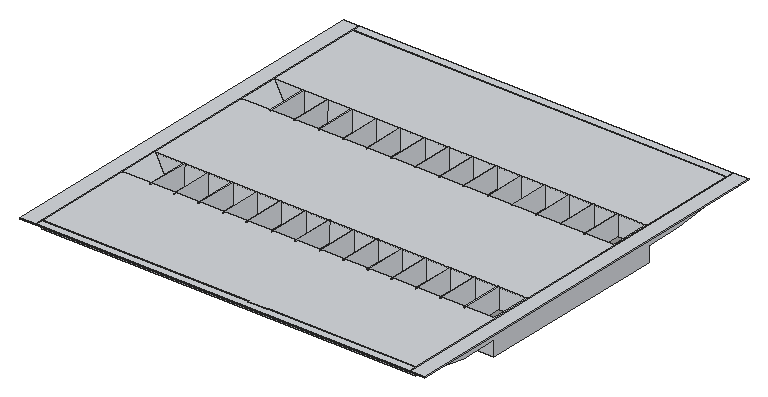
Revit family "0052602 Sylvania Lighting Fixture RANA NEO 3500LM REC 625x625 840 SSC 2L WHITE", category Lighting Fixtures, host Face, Revit 2016
Family settings
  Host = Face
  Part Type = Normal
  Round Connector Dimension = Use Diameter
  OmniClass Number = 23.80.70.00
  OmniClass Title = Lighting
  Cut with Voids When Loaded = No
  Light Source = Yes
  Shared = No
  Room Calculation Point = No
Parameters (values of type "0052602 RANA NEO 3500LM R 625 840 SSC 2L WHT")
  fin7 = 37 mm
  fin3 = 332 mm
  fin2 [instance] = 368 mm
  fin 6 = 110 mm
  fin 5 = 185 mm
  fin 4 = 258 mm
  fin 3 [instance] = 318 mm
  fin 2 = 407 mm
  fin 1 = 480 mm
  cut-out2 = 618 mm
  cut-out = 618 mm
  Width_SYL = if([600x600_SYL], 595 mm, if([625x625_SYL], 620 mm, if([1200_SYL], 296 mm, 306 mm)))  # 595 mm
  Width = 618 mm
  Weight = "n/a"
  Wattage Comments = ""
  Wattage = 193.079 W
  WarrantyStartDate [instance] = "n/a"
  WarrantyGuarantorParts = "n/a"
  WarrantyDurationUnit = "n/a"
  WarrantyDurationParts = ""
  WarrantyDescription = "http://www.sylvania-lighting.com"
  built-in parameter 1150110 = 1 (stored number, unit not read)
  Voltage = 0 V
  URL = "0.95"
  TypeName = "RANA NEO 3500LM REC 625x625 840 SSC 2L WHITE"
  Type Image = <None>
  Type Comments = "n/a"
  built-in parameter 1114217 = 1 (stored number, unit not read)
  TopWidth_SYL = if([600x600_SYL], 295 mm, if([625x625_SYL], 295 mm, if([1200_SYL], 165 mm, 165 mm)))  # 295 mm
  Tilt Angle = -90.00°
  built-in parameter 1150109 = 1 (stored number, unit not read)
  built-in parameter 1150134 = (empty or 0)
  built-in parameter 1150113 = 1 (stored number, unit not read)
  SlopeTopWidth_SYL = if([600x600_SYL], 410 mm, if([625x625_SYL], 410 mm, if([1200_SYL], 168 mm, 168 mm)))  # 410 mm
  SlopeBottomWidth_SYL = if([600x600_SYL], 593 mm, if([625x625_SYL], 593 mm, if([1200_SYL], 244 mm, 244 mm)))  # 593 mm
  SlopeHeight_SYL = if([600x600_SYL], 17 mm, if([625x625_SYL], 17 mm, if([1200_SYL], 40 mm, 40 mm)))  # 17 mm
  SerialNumber [instance] = "n/a"
  ReflectorNumber_SYL = if([1Ref_SYL], 2, if([2Ref_SYL], 2, 3))  # 2
  ReflectorLength_SYL = Length_SYL - Inset_SYL * 2 - 5 mm  # 550 mm
  ReflectorInset_SYL = if([1Ref_SYL], 82.4 mm, if([2Ref_SYL], 30 mm, 30 mm))  # 30 mm
  Photometric Web File = "0052602.ies"
  Material_3_SYL = none
  PowerFactor = 0.95
  PowerConsumption = "Lighting"
  NominalLength = 620 mm
  NominalHeight = 60 mm
  NominalDepth = 595 mm
  Name = "RANA NEO 3500LM REC 625x625 840 SSC 2L WHITE"
  ModelReference = Name  # "RANA NEO 3500LM REC 625x625 840 SSC 2L WHITE"
  ModelNumber = "0052602"
  Model = Name  # "RANA NEO 3500LM REC 625x625 840 SSC 2L WHITE"
  Material = "Feilo Sylvania"
  ManufacturerName = "113 lm/W"
  Manufacturer = ""
  LuminousEfficacy = ""
  built-in parameter 1150105 = 1536.5 (stored number, unit not read)
  Lumens = 19307.9 lm
  LuminaireType = "0"
  built-in parameter 1150115 = 1 (stored number, unit not read)
  LouverNumber_SYL = if([600x600_SYL], 14, if([625x625_SYL], 14, if([1200_SYL], 28, 28)))  # 14
  LightOutputRatio = "LED"
  built-in parameter 1150137 = (empty or 0)
  built-in parameter 1150139 = (empty or 0)
  Length_SYL = if([600x600_SYL], 595 mm, if([625x625_SYL], 620 mm, if([1200_SYL], 1196 mm, 1246 mm)))  # 595 mm
  Length = 618 mm
  LampsType = Lamp  # "n/a"
  LampNominalLuminous = "4000 K"
  LampMacAdamStep = "80"
  LampColourTemperature = "LED"
  LampColourRenderingIndex = "16500"
  built-in parameter 1150112 = 1 (stored number, unit not read)
  built-in parameter 1150114 = 1 (stored number, unit not read)
  Lamp = "n/a"
  LED position [instance] = 410 mm
  LED inside width = 165 mm
  LED inner void = 521.5 mm
  LED Width = 290 mm
  LED Length = 568 mm
  Keynote = "n/a"
  InstallationDate [instance] = "n/a"
  Inset_SYL = 20 mm  # constant formula
  InputVoltage = "0"
  InputNominalFrequency = "4000"
  built-in parameter 1150132 = (empty or 0)
  built-in parameter 1150102 = (empty or 0)
  built-in parameter 1150107 = 3000 (stored number, unit not read)
  built-in parameter 1150138 = (empty or 0)
  IngressProtection = "IfcLightFixtureType"
  ImpactProtectionIndex = "IfcLightFixtureType"
  built-in parameter 1150106 = 15.365 (stored number, unit not read)
  IfcExportType = "IfcLightFixtureType"
  IfcExportAs = "Class I"
  Height = 52 mm
  Emit from Rectangle Width = if([1Ref_SYL], 48 mm, TopWidth_SYL - 13 mm)  # 282 mm
  Emit from Rectangle Length = ReflectorLength_SYL - 8 mm  # 542 mm
  Emit Shape Visible in Rendering = no
  ElectricShockClassification = "113"
  built-in parameter 1150104 = 9.2903 (stored number, unit not read)
  DocumentationLiterature = "http://www.sylvania-lighting.com/product/en-int/products/0052602"
  DimmingControlOptions = "n/a"
  Material_2_SYL = none
  Dimming Lamp Color Temperature Shift = <None>
  Description = "-"
  Default Elevation = 1219.2 mm
  CreatedOn = "25/11/2019"
  CreatedBy = "@sylvania-lighting.com"
  Cost = 0
  Color Filter = 16777215
  built-in parameter 1114216 [instance] = (empty or 0)
  ClassificationValue = "EF_70_80"
  ClassificationName = "Uniclass2015"
  Material_1_SYL = none
  BarCode [instance] = "n/a"
  built-in parameter 1114218 = 1 (stored number, unit not read)
  built-in parameter 1150133 = 10 (stored number, unit not read)
  AssetType = "Fixed"
  AssetIdentifier [instance] = "n/a"
  Assembly Code = "D5020200"
  Apparent Load = 31 VA
  Material_4_SYL = none
  625x625_SYL = no
  600x600_SYL = yes
  2Ref_SYL = yes
  1Ref_SYL = no
  1200_SYL = no
Reference planes
  plane 1 "Center (Front/Back)": y = 0
  plane 2: z = 0
  plane 3 "Center (Left/Right)": x = 0
  plane 4: x = 60
  plane 5: x = 30
  plane 6: y = 297.5
  plane 7: y = -297.5
  plane 8: z = -120
  plane 9: z = -3
  plane 10: z = -12
  plane 11: z = -29
  plane 12: z = -52
  plane 13: y = -296.5
  plane 14: y = 296.5
  plane 15: y = 145
  plane 16: y = -145
  plane 17: y = 82.5
  plane 18: y = -82.5
  plane 19: x = -284
  plane 20: x = 284
  plane 21: y = 141
  plane 22: y = 86.5
  plane 23: x = -264
  plane 24: x = 257.5
  plane 25: x = -286
  plane 26: x = 286
  plane 27: y = -86.5
  plane 28: y = -141
  plane 29: x = 18.5
  plane 30: x = -18.5
  plane 31: x = 55
  plane 32: x = -55
  plane 33: x = 92.5
  plane 34: x = -92.5
  plane 35: x = 129
  plane 36: x = -129
  plane 37: x = 166
  plane 38: x = -166
  plane 39: x = -203.5
  plane 40: x = 203.5
  plane 41: x = -240
  plane 42: x = 240
  plane 43: x = 169.5
  plane 44: x = 162.5
  plane 45: x = 166.5
  plane 46: x = 165.5
  plane 47: x = 309
  plane 48: x = -309
  plane 49: y = 309
  plane 50: y = -309
  plane 51: x = 309
  plane 52: x = -309
  plane 53: y = 309
  plane 54: y = -309
Forms (mm)
  Extrusion 1, void
    sketch origin (0, 0, 0) x (1, 0, 0) y (0, 1, 0)
      loop
        line (-309, 309) -> (-309, -309) -> (309, -309) -> (309, 309) -> (-309, 309)
    from -120 to 97.685
  Extrusion 2, solid, detail levels medium+fine
    sketch origin (0, 0, 0) x (0, 1, 0) y (0, 0, 1)
      loop
        line (-296.5, 0) -> (-296.5, -12) -> (-205, -29) -> (-147.5, -29) -> (-147.5, -52) -> (147.5, -52) -> (147.5, -29) -> (205, -29) -> (296.5, -17.514) -> (296.5, 0) -> (-296.5, 0)
    from -286 to 286
  Extrusion 3, solid, detail levels medium+fine
    sketch origin (275, 1524, 1219.2) x (0, 1, 0) y (0, 0, 1)
      loop
        line (-1226.5, -1222.2) -> (-1226.5, -1219.2) -> (-1820.5, -1219.2) -> (-1820.5, -1222.2) -> (-1226.5, -1222.2)
    from 11 to -215
  Extrusion 4, solid, detail levels medium+fine
    sketch origin (-275, 1524, 1219.2) x (0, 1, 0) y (0, 0, 1)
      loop
        line (-1820.5, -1222.2) -> (-1227.5, -1222.2) -> (-1227.5, -1219.2) -> (-1820.5, -1219.2) -> (-1820.5, -1222.2)
    from -11 to 305
  Extrusion 5, solid, detail levels medium+fine
    sketch origin (0, 0, 0) x (0, 1, 0) y (0, 0, 1)
      loop
        line (-297.5, 0) -> (-297.5, -3) -> (-296.5, -3) -> (-296.5, 0) -> (-297.5, 0)
      loop
        line (297.5, -3) -> (297.5, 0) -> (296.5, 0) -> (296.5, -3) -> (297.5, -3)
    from 30 to 60
  Blend 6, void
    base sketch origin (0, 0, 0) x (1, 0, 0) y (0, 1, 0)
      loop
        line (-284, 145) -> (-284, 82.5) -> (284, 82.5) -> (284, 145) -> (-284, 145)
    top sketch origin (0, 0, 0) x (1, 0, 0) y (0, 1, 0)
      loop
        line (-264, 141) -> (-264, 86.5) -> (257.5, 86.5) -> (257.5, 141) -> (-264, 141)
    from 0 to -29
  Blend 7, void
    base sketch origin (0, 0, 0) x (1, 0, 0) y (0, 1, 0)
      loop
        line (-284, -82.5) -> (-284, -145) -> (284, -145) -> (284, -82.5) -> (-284, -82.5)
    top sketch origin (0, 0, 0) x (1, 0, 0) y (0, 1, 0)
      loop
        line (257.5, -86.5) -> (-264, -86.5) -> (-264, -141) -> (257.5, -141) -> (257.5, -86.5)
    from 0 to -29
  Extrusion 8, solid, detail levels fine
    sketch origin (0, 0, 0) x (1, 0, 0) y (0, 0, 1)
      loop
        line (162.5, -29) -> (169.5, -29) -> (166.5, 0) -> (165.5, 0) -> (162.5, -29)
    from -145 to -82.5
  Extrusion 9, solid, detail levels fine
    sketch origin (37.5, 0, 0) x (1, 0, 0) y (0, 0, 1)
      loop
        line (162.5, -29) -> (169.5, -29) -> (166.5, 0) -> (165.5, 0) -> (162.5, -29)
    from -145 to -82.5
  Extrusion 10, solid, detail levels fine
    sketch origin (74, 0, 0) x (1, 0, 0) y (0, 0, 1)
      loop
        line (162.5, -29) -> (169.5, -29) -> (166.5, 0) -> (165.5, 0) -> (162.5, -29)
    from -145 to -82.5
  Extrusion 11, solid, detail levels fine
    sketch origin (-37, 0, 0) x (1, 0, 0) y (0, 0, 1)
      loop
        line (162.5, -29) -> (169.5, -29) -> (166.5, 0) -> (165.5, 0) -> (162.5, -29)
    from -145 to -82.5
  Extrusion 12, solid, detail levels fine
    sketch origin (-73.5, 0, 0) x (1, 0, 0) y (0, 0, 1)
      loop
        line (162.5, -29) -> (169.5, -29) -> (166.5, 0) -> (165.5, 0) -> (162.5, -29)
    from -145 to -82.5
  Extrusion 13, solid, detail levels fine
    sketch origin (-111, 0, 0) x (1, 0, 0) y (0, 0, 1)
      loop
        line (162.5, -29) -> (169.5, -29) -> (166.5, 0) -> (165.5, 0) -> (162.5, -29)
    from -145 to -82.5
  Extrusion 14, solid, detail levels fine
    sketch origin (-147.5, 0, 0) x (1, 0, 0) y (0, 0, 1)
      loop
        line (162.5, -29) -> (169.5, -29) -> (166.5, 0) -> (165.5, 0) -> (162.5, -29)
    from -145 to -82.5
  Extrusion 15, solid, detail levels fine
    sketch origin (-184.5, 0, 0) x (1, 0, 0) y (0, 0, 1)
      loop
        line (162.5, -29) -> (169.5, -29) -> (166.5, 0) -> (165.5, 0) -> (162.5, -29)
    from -145 to -82.5
  Extrusion 16, solid, detail levels fine
    sketch origin (-221, 0, 0) x (1, 0, 0) y (0, 0, 1)
      loop
        line (162.5, -29) -> (169.5, -29) -> (166.5, 0) -> (165.5, 0) -> (162.5, -29)
    from -145 to -82.5
  Extrusion 17, solid, detail levels fine
    sketch origin (-258.5, 0, 0) x (1, 0, 0) y (0, 0, 1)
      loop
        line (162.5, -29) -> (169.5, -29) -> (166.5, 0) -> (165.5, 0) -> (162.5, -29)
    from -145 to -82.5
  Extrusion 18, solid, detail levels fine
    sketch origin (-295, 0, 0) x (1, 0, 0) y (0, 0, 1)
      loop
        line (162.5, -29) -> (169.5, -29) -> (166.5, 0) -> (165.5, 0) -> (162.5, -29)
    from -145 to -82.5
  Extrusion 19, solid, detail levels fine
    sketch origin (-332, 0, 0) x (1, 0, 0) y (0, 0, 1)
      loop
        line (162.5, -29) -> (169.5, -29) -> (166.5, 0) -> (165.5, 0) -> (162.5, -29)
    from -145 to -82.5
  Extrusion 20, solid, detail levels fine
    sketch origin (-369.5, 0, 0) x (1, 0, 0) y (0, 0, 1)
      loop
        line (162.5, -29) -> (169.5, -29) -> (166.5, 0) -> (165.5, 0) -> (162.5, -29)
    from -145 to -82.5
  Extrusion 21, solid, detail levels fine
    sketch origin (-406, 0, 0) x (1, 0, 0) y (0, 0, 1)
      loop
        line (162.5, -29) -> (169.5, -29) -> (166.5, 0) -> (165.5, 0) -> (162.5, -29)
    from -145 to -82.5
  Extrusion 22, solid, detail levels fine
    sketch origin (-406.072, 0, -0.017) x (1, 0, 0) y (0, 0, 1)
      loop
        line (162.5, -29) -> (169.5, -29) -> (166.5, 0) -> (165.5, 0) -> (162.5, -29)
    from 82.5 to 147.5
  Extrusion 23, solid, detail levels fine
    sketch origin (-369.572, 0, -0.017) x (1, 0, 0) y (0, 0, 1)
      loop
        line (162.5, -29) -> (169.5, -29) -> (166.5, 0) -> (165.5, 0) -> (162.5, -29)
    from 82.5 to 147.5
  Extrusion 24, solid, detail levels fine
    sketch origin (-331.998, 0, -0.017) x (1, 0, 0) y (0, 0, 1)
      loop
        line (162.5, -29) -> (169.5, -29) -> (166.5, 0) -> (165.5, 0) -> (162.5, -29)
    from 82.5 to 147.5
  Extrusion 25, solid, detail levels fine
    sketch origin (-294.998, 0, -0.017) x (1, 0, 0) y (0, 0, 1)
      loop
        line (162.5, -29) -> (169.5, -29) -> (166.5, 0) -> (165.5, 0) -> (162.5, -29)
    from 82.5 to 147.5
  Extrusion 26, solid, detail levels fine
    sketch origin (-258.498, 0, -0.017) x (1, 0, 0) y (0, 0, 1)
      loop
        line (162.5, -29) -> (169.5, -29) -> (166.5, 0) -> (165.5, 0) -> (162.5, -29)
    from 82.5 to 147.5
  Extrusion 27, solid, detail levels fine
    sketch origin (-221, 0, -0.017) x (1, 0, 0) y (0, 0, 1)
      loop
        line (162.5, -29) -> (169.5, -29) -> (166.5, 0) -> (165.5, 0) -> (162.5, -29)
    from 82.5 to 147.5
  Extrusion 28, solid, detail levels fine
    sketch origin (-184.5, 0, -0.017) x (1, 0, 0) y (0, 0, 1)
      loop
        line (162.5, -29) -> (169.5, -29) -> (166.5, 0) -> (165.5, 0) -> (162.5, -29)
    from 82.5 to 147.5
  Extrusion 29, solid, detail levels fine
    sketch origin (-147.5, 0, -0.017) x (1, 0, 0) y (0, 0, 1)
      loop
        line (162.5, -29) -> (169.5, -29) -> (166.5, 0) -> (165.5, 0) -> (162.5, -29)
    from 82.5 to 147.5
  Extrusion 30, solid, detail levels fine
    sketch origin (-111, 0, -0.017) x (1, 0, 0) y (0, 0, 1)
      loop
        line (162.5, -29) -> (169.5, -29) -> (166.5, 0) -> (165.5, 0) -> (162.5, -29)
    from 82.5 to 147.5
  Extrusion 31, solid, detail levels fine
    sketch origin (-73.5, 0, -0.017) x (1, 0, 0) y (0, 0, 1)
      loop
        line (162.5, -29) -> (169.5, -29) -> (166.5, 0) -> (165.5, 0) -> (162.5, -29)
    from 82.5 to 147.5
  Extrusion 32, solid, detail levels fine
    sketch origin (-37, 0, -0.017) x (1, 0, 0) y (0, 0, 1)
      loop
        line (162.5, -29) -> (169.5, -29) -> (166.5, 0) -> (165.5, 0) -> (162.5, -29)
    from 82.5 to 147.5
  Extrusion 33, solid, detail levels fine
    sketch origin (0, 0, -0.017) x (1, 0, 0) y (0, 0, 1)
      loop
        line (162.5, -29) -> (169.5, -29) -> (166.5, 0) -> (165.5, 0) -> (162.5, -29)
    from 82.5 to 147.5
  Extrusion 34, solid, detail levels fine
    sketch origin (37.5, 0, -0.017) x (1, 0, 0) y (0, 0, 1)
      loop
        line (162.5, -29) -> (169.5, -29) -> (166.5, 0) -> (165.5, 0) -> (162.5, -29)
    from 82.5 to 147.5
  Extrusion 35, solid, detail levels fine
    sketch origin (74, 0, -0.017) x (1, 0, 0) y (0, 0, 1)
      loop
        line (162.5, -29) -> (169.5, -29) -> (166.5, 0) -> (165.5, 0) -> (162.5, -29)
    from 82.5 to 147.5
  Extrusion 36, solid, material "Glass, White, High Luminance", detail levels fine
    sketch origin (0, 0, 0) x (1, 0, 0) y (0, 1, 0)
      loop
        line (-264, 141) -> (-264, 86.5) -> (257.5, 86.5) -> (257.5, 141) -> (-264, 141)
    from -29 to -28
  Extrusion 37, solid, material "Glass, White, High Luminance", detail levels fine
    sketch origin (0, 0, 0) x (1, 0, 0) y (0, 1, 0)
      loop
        line (-264, -86.5) -> (-264, -141) -> (257.5, -141) -> (257.5, -86.5) -> (-264, -86.5)
    from -29 to -28
  Extrusion 38, solid, detail levels coarse
    sketch origin (0, 0, 0) x (1, 0, 0) y (0, 1, 0)
      loop
        line (-309, 309) -> (-309, -309) -> (309, -309) -> (309, 309) -> (-309, 309)
    from -52 to 0
  Extrusion 39, solid, detail levels medium+fine
    sketch origin (0, 0, 0) x (1, 0, 0) y (0, 1, 0)
      loop
        line (-309, 309) -> (-309, -309) -> (-286, -309) -> (-286, 309) -> (-309, 309)
    from -1.177 to 0.023
  Extrusion 40, solid, detail levels medium+fine
    sketch origin (0, 0, 0) x (1, 0, 0) y (0, 1, 0)
      loop
        line (309, 309) -> (286, 309) -> (286, -309) -> (309, -309) -> (309, 309)
    from 0 to -1.2
  Extrusion 41, solid, detail levels medium+fine
    sketch origin (0, 1219.2, 38) x (1, 0, 0) y (0, 1, 0)
      loop
        line (286, -1528.2) -> (286, -1515.7) -> (-286, -1515.7) -> (-286, -1528.2) -> (286, -1528.2)
    from -39.177 to -38
  Extrusion 42, solid, detail levels medium+fine
    sketch origin (0, 1219.2, 38) x (1, 0, 0) y (0, 1, 0)
      loop
        line (-286, -910.2) -> (-286, -922.7) -> (286, -922.7) -> (286, -910.2) -> (-286, -910.2)
    from -39.177 to -38
Cuts and joins
  Blend 6, Blend 7 cuts Extrusion 2
  Blend 6, Blend 7 cuts Extrusion 3
  Blend 6, Blend 7 cuts Extrusion 4
  Blend 6, Blend 7 cuts Extrusion 5
  joined: Extrusion 2, Extrusion 3, Extrusion 4, Extrusion 5
Dimensions and locks
  locked: plane 2 to plane 8 at 120
  locked: plane 2 to plane 9 at 3
  locked: plane 2 to plane 10 at 12
  "SlopeHeight_SYL": plane 11 to plane 10
  "Height": plane 2 to plane 12
  equal spacing: plane 13, plane 1 "Center (Front/Back)", plane 14
  "SlopeBottomWidth_SYL": plane 13 to plane 14
  "LED Width": plane 15 to plane 16
  equal spacing: plane 15, plane 1 "Center (Front/Back)", plane 16
  "LED inside width": plane 17 to plane 18
  equal spacing: plane 17, plane 1 "Center (Front/Back)", plane 18
  "LED Length": plane 19 to plane 20
  equal spacing: plane 19, plane 3 "Center (Left/Right)", plane 20
  "LED inner void": plane 23 to plane 24
  "fin7": plane 29 to plane 30
  equal spacing: plane 29, plane 3 "Center (Left/Right)", plane 30
  "fin 6": plane 31 to plane 32
  equal spacing: plane 31, plane 3 "Center (Left/Right)", plane 32
  "fin 5": plane 33 to plane 34
  equal spacing: plane 33, plane 3 "Center (Left/Right)", plane 34
  "fin 4": plane 35 to plane 36
  equal spacing: plane 35, plane 3 "Center (Left/Right)", plane 36
  "fin 2": plane 40 to plane 39
  equal spacing: plane 40, plane 3 "Center (Left/Right)", plane 39
  "fin3": plane 37 to plane 38
  equal spacing: plane 37, plane 3 "Center (Left/Right)", plane 38
  "fin 1": plane 42 to plane 41
  equal spacing: plane 42, plane 3 "Center (Left/Right)", plane 41
  "ReflectorInset_SYL": plane 5 to plane 4
  equal spacing: plane 3 "Center (Left/Right)", plane 5, plane 4
  "Length": plane 48 to plane 47
  equal spacing: plane 48, plane 3 "Center (Left/Right)", plane 47
  "Width": plane 49 to plane 50
  equal spacing: plane 49, plane 1 "Center (Front/Back)", plane 50
  "cut-out": plane 52 to plane 51
  equal spacing: plane 52, plane 3 "Center (Left/Right)", plane 51
  "cut-out2": plane 53 to plane 54
  equal spacing: plane 53, plane 1 "Center (Front/Back)", plane 54
  aligned and locked: plane 2 to host face
  aligned and locked: level to host face
  aligned and locked: plane 10 to Extrusion 2 sketch curve
  aligned and locked: plane 12 to Extrusion 2 sketch curve
  aligned and locked: plane 11 to Extrusion 2 sketch curve  (x2)
  aligned and locked: Extrusion 2 sketch curve to level
  aligned and locked: plane 6 to Extrusion 3 sketch curve
  aligned and locked: plane 4 to Extrusion 3
  aligned and locked: Extrusion 4 sketch curve to cut or joined group of Extrusion 2, Extrusion 3, Extrusion 4, Extrusion 5, Blend 6, Blend 7
  aligned and locked: Extrusion 4 to plane 5
  aligned and locked: Extrusion 4 to Extrusion 2
  aligned and locked: plane 14 to Extrusion 2 sketch curve
  aligned and locked: plane 13 to Extrusion 2 sketch curve
  aligned and locked: Extrusion 5 sketch curve to level  (x2)
  aligned and locked: Extrusion 5 sketch curve to plane 7
  aligned and locked: cut or joined group of Extrusion 2, Extrusion 3, Extrusion 4, Extrusion 5, Blend 6, Blend 7 to Extrusion 5 sketch curve
  aligned and locked: Extrusion 5 sketch curve to cut or joined group of Extrusion 2, Extrusion 3, Extrusion 4, Extrusion 5, Blend 6, Blend 7  (x2)
  aligned and locked: Extrusion 5 to plane 5
  aligned and locked: plane 4 to Extrusion 5
Automatic sketch dimensions
  host sketch curve to host sketch curve = 1219.2 mm
  host sketch curve to host sketch curve = 1211.616 mm
  Extrusion 2 sketch curve to plane 16 = 60 mm
  Extrusion 2 sketch curve to plane 16 = 2.5 mm
  plane 15 to Extrusion 2 sketch curve = 2.5 mm
  Extrusion 2 sketch curve to Extrusion 2 sketch curve = 57.5 mm
  plane 10 to Extrusion 2 sketch curve = 5.514 mm
  plane 9 to Extrusion 3 sketch curve = 0 mm
  Extrusion 3 sketch curve to plane 13 = 0 mm
  Blend 6 sketch curve to plane 17 = 0 mm
  Blend 6 sketch curve to plane 19 = 0 mm
  Blend 6 sketch curve to plane 20 = 0 mm
  Blend 6 sketch curve to plane 15 = 0 mm
  Blend 6 sketch curve to plane 22 = 0 mm
  Blend 6 sketch curve to plane 23 = 0 mm
  Blend 6 sketch curve to plane 24 = 0 mm
  Blend 6 sketch curve to plane 21 = 0 mm
  Blend 7 sketch curve to plane 16 = 0 mm
  Blend 7 sketch curve to plane 19 = 0 mm
  Blend 7 sketch curve to plane 20 = 0 mm
  Blend 7 sketch curve to plane 18 = 0 mm
  Blend 7 sketch curve to plane 23 = 0 mm
  Blend 7 sketch curve to plane 24 = 0 mm
  Blend 7 sketch curve to plane 28 = 0 mm
  Blend 7 sketch curve to plane 27 = 0 mm
  Extrusion 8 sketch curve to plane 11 = 0 mm
  Extrusion 8 sketch curve to plane 44 = 0 mm
  Extrusion 8 sketch curve to level = 0 mm
  Extrusion 8 sketch curve to plane 46 = 0 mm
  Extrusion 8 sketch curve to plane 45 = 0 mm
  Extrusion 8 sketch curve to plane 43 = 0 mm
  Extrusion 9 sketch curve to plane 11 = 0 mm
  Extrusion 9 sketch curve to level = 0 mm
  Extrusion 9 sketch curve to plane 40 = 3.5 mm
  Extrusion 9 sketch curve to plane 40 = 0.5 mm
  plane 40 to Extrusion 9 sketch curve = 0.5 mm
  plane 40 to Extrusion 9 sketch curve = 3.5 mm
  Extrusion 10 sketch curve to plane 11 = 0 mm
  Extrusion 10 sketch curve to level = 0 mm
  Extrusion 10 sketch curve to plane 42 = 3.5 mm
  Extrusion 10 sketch curve to plane 42 = 0.5 mm
  plane 42 to Extrusion 10 sketch curve = 0.5 mm
  plane 42 to Extrusion 10 sketch curve = 3.5 mm
  Extrusion 11 sketch curve to plane 11 = 0 mm
  Extrusion 11 sketch curve to level = 0 mm
  Extrusion 11 sketch curve to plane 35 = 3.5 mm
  Extrusion 11 sketch curve to plane 35 = 0.5 mm
  plane 35 to Extrusion 11 sketch curve = 0.5 mm
  plane 35 to Extrusion 11 sketch curve = 3.5 mm
  Extrusion 12 sketch curve to plane 11 = 0 mm
  Extrusion 12 sketch curve to level = 0 mm
  Extrusion 12 sketch curve to plane 33 = 3.5 mm
  Extrusion 12 sketch curve to plane 33 = 0.5 mm
  plane 33 to Extrusion 12 sketch curve = 0.5 mm
  plane 33 to Extrusion 12 sketch curve = 3.5 mm
  Extrusion 13 sketch curve to plane 11 = 0 mm
  Extrusion 13 sketch curve to level = 0 mm
  Extrusion 13 sketch curve to plane 31 = 3.5 mm
  Extrusion 13 sketch curve to plane 31 = 0.5 mm
  plane 31 to Extrusion 13 sketch curve = 0.5 mm
  plane 31 to Extrusion 13 sketch curve = 3.5 mm
  Extrusion 14 sketch curve to plane 11 = 0 mm
  Extrusion 14 sketch curve to level = 0 mm
  Extrusion 14 sketch curve to plane 29 = 3.5 mm
  Extrusion 14 sketch curve to plane 29 = 0.5 mm
  plane 29 to Extrusion 14 sketch curve = 0.5 mm
  plane 29 to Extrusion 14 sketch curve = 3.5 mm
  Extrusion 15 sketch curve to plane 11 = 0 mm
  Extrusion 15 sketch curve to level = 0 mm
  Extrusion 15 sketch curve to plane 30 = 3.5 mm
  Extrusion 15 sketch curve to plane 30 = 0.5 mm
  plane 30 to Extrusion 15 sketch curve = 0.5 mm
  plane 30 to Extrusion 15 sketch curve = 3.5 mm
  Extrusion 16 sketch curve to plane 11 = 0 mm
  Extrusion 16 sketch curve to level = 0 mm
  Extrusion 16 sketch curve to plane 32 = 3.5 mm
  Extrusion 16 sketch curve to plane 32 = 0.5 mm
  plane 32 to Extrusion 16 sketch curve = 0.5 mm
  plane 32 to Extrusion 16 sketch curve = 3.5 mm
  Extrusion 17 sketch curve to plane 11 = 0 mm
  Extrusion 17 sketch curve to level = 0 mm
  Extrusion 17 sketch curve to plane 34 = 3.5 mm
  Extrusion 17 sketch curve to plane 34 = 0.5 mm
  plane 34 to Extrusion 17 sketch curve = 0.5 mm
  plane 34 to Extrusion 17 sketch curve = 3.5 mm
  Extrusion 18 sketch curve to plane 11 = 0 mm
  Extrusion 18 sketch curve to level = 0 mm
  Extrusion 18 sketch curve to plane 36 = 3.5 mm
  Extrusion 18 sketch curve to plane 36 = 0.5 mm
  plane 36 to Extrusion 18 sketch curve = 0.5 mm
  plane 36 to Extrusion 18 sketch curve = 3.5 mm
  Extrusion 19 sketch curve to plane 11 = 0 mm
  Extrusion 19 sketch curve to level = 0 mm
  Extrusion 19 sketch curve to plane 38 = 3.5 mm
  Extrusion 19 sketch curve to plane 38 = 0.5 mm
  plane 38 to Extrusion 19 sketch curve = 0.5 mm
  plane 38 to Extrusion 19 sketch curve = 3.5 mm
  Extrusion 20 sketch curve to plane 11 = 0 mm
  Extrusion 20 sketch curve to level = 0 mm
  Extrusion 20 sketch curve to plane 39 = 3.5 mm
  Extrusion 20 sketch curve to plane 39 = 0.5 mm
  plane 39 to Extrusion 20 sketch curve = 0.5 mm
  plane 39 to Extrusion 20 sketch curve = 3.5 mm
  Extrusion 21 sketch curve to plane 11 = 0 mm
  Extrusion 21 sketch curve to level = 0 mm
  Extrusion 21 sketch curve to plane 41 = 3.5 mm
  Extrusion 21 sketch curve to plane 41 = 0.5 mm
  plane 41 to Extrusion 21 sketch curve = 0.5 mm
  plane 41 to Extrusion 21 sketch curve = 3.5 mm
  plane 11 to Extrusion 22 sketch curve = 0.017 mm
  Extrusion 22 sketch curve to plane 41 = 3.572 mm
  Extrusion 22 sketch curve to level = 0.017 mm
  Extrusion 22 sketch curve to plane 41 = 0.572 mm
  plane 41 to Extrusion 22 sketch curve = 0.428 mm
  plane 41 to Extrusion 22 sketch curve = 3.428 mm
  plane 11 to Extrusion 23 sketch curve = 0.017 mm
  Extrusion 23 sketch curve to plane 39 = 3.572 mm
  Extrusion 23 sketch curve to level = 0.017 mm
  Extrusion 23 sketch curve to plane 39 = 0.572 mm
  plane 39 to Extrusion 23 sketch curve = 0.428 mm
  plane 39 to Extrusion 23 sketch curve = 3.428 mm
  plane 11 to Extrusion 24 sketch curve = 0.017 mm
  Extrusion 24 sketch curve to plane 38 = 3.498 mm
  Extrusion 24 sketch curve to level = 0.017 mm
  Extrusion 24 sketch curve to plane 38 = 0.498 mm
  plane 38 to Extrusion 24 sketch curve = 0.502 mm
  plane 38 to Extrusion 24 sketch curve = 3.502 mm
  plane 11 to Extrusion 25 sketch curve = 0.017 mm
  Extrusion 25 sketch curve to plane 36 = 3.498 mm
  Extrusion 25 sketch curve to level = 0.017 mm
  Extrusion 25 sketch curve to plane 36 = 0.498 mm
  plane 36 to Extrusion 25 sketch curve = 0.502 mm
  plane 36 to Extrusion 25 sketch curve = 3.502 mm
  plane 11 to Extrusion 26 sketch curve = 0.017 mm
  Extrusion 26 sketch curve to plane 34 = 3.498 mm
  Extrusion 26 sketch curve to level = 0.017 mm
  Extrusion 26 sketch curve to plane 34 = 0.498 mm
  plane 34 to Extrusion 26 sketch curve = 0.502 mm
  plane 34 to Extrusion 26 sketch curve = 3.502 mm
  plane 11 to Extrusion 27 sketch curve = 0.017 mm
  Extrusion 27 sketch curve to plane 32 = 3.5 mm
  Extrusion 27 sketch curve to level = 0.017 mm
  Extrusion 27 sketch curve to plane 32 = 0.5 mm
  plane 32 to Extrusion 27 sketch curve = 0.5 mm
  plane 32 to Extrusion 27 sketch curve = 3.5 mm
  plane 11 to Extrusion 28 sketch curve = 0.017 mm
  Extrusion 28 sketch curve to plane 30 = 3.5 mm
  Extrusion 28 sketch curve to level = 0.017 mm
  Extrusion 28 sketch curve to plane 30 = 0.5 mm
  plane 30 to Extrusion 28 sketch curve = 0.5 mm
  plane 30 to Extrusion 28 sketch curve = 3.5 mm
  plane 11 to Extrusion 29 sketch curve = 0.017 mm
  Extrusion 29 sketch curve to plane 29 = 3.5 mm
  Extrusion 29 sketch curve to level = 0.017 mm
  Extrusion 29 sketch curve to plane 29 = 0.5 mm
  plane 29 to Extrusion 29 sketch curve = 0.5 mm
  plane 29 to Extrusion 29 sketch curve = 3.5 mm
  plane 11 to Extrusion 30 sketch curve = 0.017 mm
  Extrusion 30 sketch curve to plane 31 = 3.5 mm
  Extrusion 30 sketch curve to level = 0.017 mm
  Extrusion 30 sketch curve to plane 31 = 0.5 mm
  plane 31 to Extrusion 30 sketch curve = 0.5 mm
  plane 31 to Extrusion 30 sketch curve = 3.5 mm
  plane 11 to Extrusion 31 sketch curve = 0.017 mm
  Extrusion 31 sketch curve to plane 33 = 3.5 mm
  Extrusion 31 sketch curve to level = 0.017 mm
  Extrusion 31 sketch curve to plane 33 = 0.5 mm
  plane 33 to Extrusion 31 sketch curve = 0.5 mm
  plane 33 to Extrusion 31 sketch curve = 3.5 mm
  plane 11 to Extrusion 32 sketch curve = 0.017 mm
  Extrusion 32 sketch curve to plane 35 = 3.5 mm
  Extrusion 32 sketch curve to level = 0.017 mm
  Extrusion 32 sketch curve to plane 35 = 0.5 mm
  plane 35 to Extrusion 32 sketch curve = 0.5 mm
  plane 35 to Extrusion 32 sketch curve = 3.5 mm
  Extrusion 33 sketch curve to plane 44 = 0 mm
  Extrusion 33 sketch curve to plane 46 = 0 mm
  Extrusion 33 sketch curve to plane 45 = 0 mm
  Extrusion 33 sketch curve to plane 43 = 0 mm
  plane 11 to Extrusion 33 sketch curve = 0.017 mm
  Extrusion 33 sketch curve to level = 0.017 mm
  plane 11 to Extrusion 34 sketch curve = 0.017 mm
  Extrusion 34 sketch curve to plane 40 = 3.5 mm
  Extrusion 34 sketch curve to level = 0.017 mm
  Extrusion 34 sketch curve to plane 40 = 0.5 mm
  plane 40 to Extrusion 34 sketch curve = 0.5 mm
  plane 40 to Extrusion 34 sketch curve = 3.5 mm
  plane 11 to Extrusion 35 sketch curve = 0.017 mm
  Extrusion 35 sketch curve to plane 42 = 3.5 mm
  Extrusion 35 sketch curve to level = 0.017 mm
  Extrusion 35 sketch curve to plane 42 = 0.5 mm
  plane 42 to Extrusion 35 sketch curve = 0.5 mm
  plane 42 to Extrusion 35 sketch curve = 3.5 mm
  Extrusion 36 sketch curve to plane 22 = 0 mm
  Extrusion 36 sketch curve to plane 23 = 0 mm
  Extrusion 36 sketch curve to plane 24 = 0 mm
  Extrusion 36 sketch curve to plane 21 = 0 mm
  Extrusion 37 sketch curve to plane 23 = 0 mm
  Extrusion 37 sketch curve to plane 24 = 0 mm
  Extrusion 37 sketch curve to plane 28 = 0 mm
  Extrusion 37 sketch curve to plane 27 = 0 mm
  Extrusion 38 sketch curve to plane 5 = 339 mm
  plane 4 to Extrusion 38 sketch curve = 249 mm
  plane 7 to Extrusion 38 sketch curve = 11.5 mm
  Extrusion 38 sketch curve to plane 6 = 11.5 mm
  plane 13 to Extrusion 39 sketch curve = 12.5 mm
  Extrusion 39 sketch curve to plane 48 = 0 mm
  Extrusion 39 sketch curve to plane 25 = 0 mm
  Extrusion 39 sketch curve to plane 6 = 11.5 mm
  Extrusion 40 sketch curve to plane 6 = 11.5 mm
  Extrusion 40 sketch curve to plane 26 = 0 mm
  plane 13 to Extrusion 40 sketch curve = 12.5 mm
  Extrusion 40 sketch curve to plane 47 = 0 mm
  Extrusion 3 sketch curve to level = 0 mm
  Extrusion 4 sketch curve to plane 13 = 0 mm
  Extrusion 4 sketch curve to level = 0 mm
  Extrusion 4 sketch curve to plane 14 = 0 mm
  Extrusion 5 sketch curve to plane 13 = 0 mm
  Extrusion 5 sketch curve to plane 14 = 0 mm
  Extrusion 41 sketch curve to plane 25 = 0 mm
  Extrusion 41 sketch curve to plane 26 = 0 mm
  Extrusion 41 sketch curve to plane 50 = 0 mm
  plane 13 to Extrusion 41 sketch curve = 0 mm
  plane 14 to Extrusion 42 sketch curve = 0 mm
  Extrusion 42 sketch curve to plane 25 = 0 mm
  Extrusion 42 sketch curve to plane 26 = 0 mm
  Extrusion 42 sketch curve to plane 49 = 0 mm
  plane 4 to Extrusion 1 sketch curve = 249 mm
  Extrusion 1 sketch curve to plane 5 = 339 mm
  plane 7 to Extrusion 1 sketch curve = 11.5 mm
  Extrusion 1 sketch curve to plane 6 = 11.5 mm
Connectors
  electrical at (0, 0, -52), driven by "Voltage", driven by "Apparent Load", driven by "PowerFactor"
    settings: on cut or joined group of Extrusion 2, Extrusion 3, Extrusion 4, Extrusion 5, Blend 6, Blend 7, index 1, voltage 0 V, apparent load 31 VA, apparent load phase1 0 VA, apparent load phase2 0 VA, apparent load phase3 0 VA, power factor 0.95, load classification "Lighting", number of poles 1, system type 30, power factor state 1, is connector primary yes, connector utility no, sub classification motor no, connector description ""
